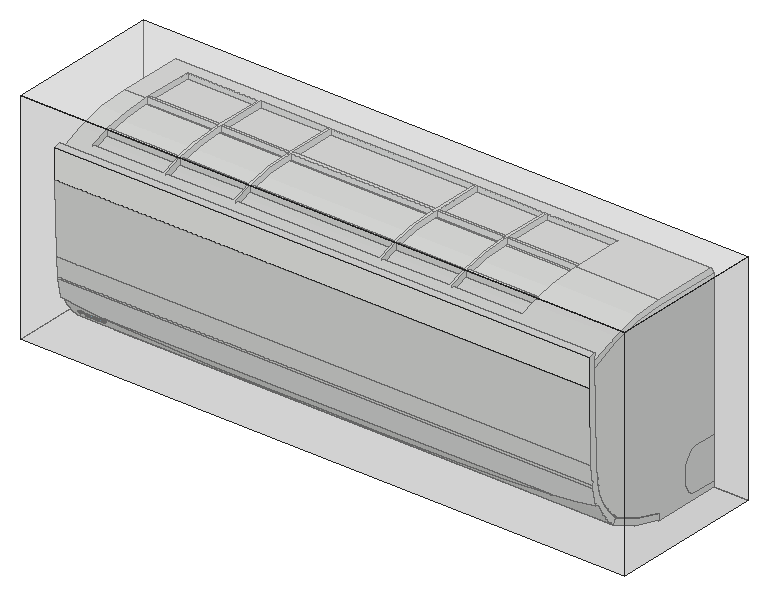
Revit family "outputfile", category 機械設備, Revit 2024
Family settings
  丸型コネクタ寸法 = 半径を使用
  パーツ タイプ = 標準
  OmniClass 番号 = 23.75.10.24.21.27.27
  OmniClass タイトル = Split System Air Conditioning Units
  作業面ベース = いいえ
  常に垂直 = はい
  ロード時にボイドで切り取り = いいえ
  注釈の向きを維持 = いいえ
  共有 = いいえ
  部屋計算ポイント = いいえ
Parameters (values of type "FTXV46W2VMA")
  Description = ""
  書き出し IFC クラス(タイプ) = "IfcUnitaryEquipmentType"
  定義済み IFC タイプ(タイプ) = "AIRCONDITIONINGUNIT"
  Cost = 0
  Type Comments = ""
  Keynote = ""
  Type Image = (empty or 0)
  Assembly Code = ""
  w_wall hole = if(Width = 770.0 mm, 48.0 mm, 60.0 mm)  # 48.0 mm
  製造元 = "Daikin"
  モデル = "FTXV46W2VMA"
  switch_frequency = yes
  r_Liquid Pipe Size = Liquid Pipe Size / 2  # 3.2 mm
  r_Gas Pipe Size = Gas Pipe Size / 2  # 6.35 mm
  r_Drain Pipe Size = Drain Pipe Size / 2  # 8.0 mm
  lw_powersupply [instance] = if(Width = 770.0 mm, if(or(Rear Right Connection_refrigerant, Bottom Right Connection_refrigerant), 25.0 mm, if(or(Rear Left Connection_refrigerant, Bottom Left Connection_refrigerant), 745.0 mm, 400.0 mm)), if(Width = 990.0 mm, if(or(Rear Right Connection_refrigerant, Bottom Right Connection_refrigerant), 40.0 mm, if(or(Rear Left Connection_refrigerant, Bottom Left Connection_refrigerant), 920.0 mm, 400.0 mm)), if(or(Rear Right Connection_refrigerant, Bottom Right Connection_refrigerant), 40.0 mm, if(or(Rear Left Connection_refrigerant, Bottom Left Connection_refrigerant), 920.0 mm, 400.0 mm))))  # 400.0 mm
  lw_liquidpipe [instance] = if(Width = 770.0 mm, if(or(Rear Right Connection_refrigerant, Bottom Right Connection_refrigerant), 0.0 mm, if(or(Rear Left Connection_refrigerant, Bottom Left Connection_refrigerant), 664.0 mm, 385.0 mm)), if(Width = 990.0 mm, if(or(Rear Right Connection_refrigerant, Bottom Right Connection_refrigerant), 0.0 mm, if(or(Rear Left Connection_refrigerant, Bottom Left Connection_refrigerant), 664.0 mm + (990.0 mm - 770.0 mm), 475.0 mm)), if(or(Rear Right Connection_refrigerant, Bottom Right Connection_refrigerant), 0.0 mm, if(or(Rear Left Connection_refrigerant, Bottom Left Connection_refrigerant), 664.0 mm + (990.0 mm - 770.0 mm), 475.0 mm))))  # 385.0 mm
  lw_gaspipe [instance] = if(Width = 770.0 mm, if(or(Rear Right Connection_refrigerant, Bottom Right Connection_refrigerant), 0.0 mm, if(or(Rear Left Connection_refrigerant, Bottom Left Connection_refrigerant), 675.0 mm, if(Gas Pipe Size = 12.7 mm, 345.0 mm, 335.0 mm))), if(Width = 990.0 mm, if(or(Rear Right Connection_refrigerant, Bottom Right Connection_refrigerant), 10.0 mm, if(or(Rear Left Connection_refrigerant, Bottom Left Connection_refrigerant), 890.0 mm, if(Gas Pipe Size = 15.9 mm, 410.0 mm, 400.0 mm))), if(or(Rear Right Connection_refrigerant, Bottom Right Connection_refrigerant), 10.0 mm, if(or(Rear Left Connection_refrigerant, Bottom Left Connection_refrigerant), 890.0 mm, if(Gas Pipe Size = 15.9 mm, 410.0 mm, 400.0 mm)))))  # 345.0 mm
  lw_drainpipe [instance] = if(Width = 770.0 mm, if(or(Rear Right Connection_refrigerant, Bottom Right Connection_refrigerant), 0.0 mm, if(or(Rear Left Connection_refrigerant, Bottom Left Connection_refrigerant), 770.0 mm - 48.0 mm - 48.0 mm, 440.0 mm)), if(Width = 990.0 mm, if(or(Rear Right Connection_refrigerant, Bottom Right Connection_refrigerant), 0.0 mm, if(or(Rear Left Connection_refrigerant, Bottom Left Connection_refrigerant), 675.0 mm + (990.0 mm - 770.0 mm), 435.0 mm)), if(or(Rear Right Connection_refrigerant, Bottom Right Connection_refrigerant), 0.0 mm, if(or(Rear Left Connection_refrigerant, Bottom Left Connection_refrigerant), 675.0 mm + (990.0 mm - 770.0 mm), 435.0 mm))))  # 440.0 mm
  l_powersupply_length [instance] = if(Width = 770.0 mm, if(Right Connection_refrigerant, 400.0 mm, if(Left Connection_refrigerant, 770.0 mm - 400.0 mm, if(or(Rear Left Connection_refrigerant, Rear Right Connection_refrigerant), 15.0 mm, 50.0 mm))), if(Width = 990.0 mm, if(Right Connection_refrigerant, 400.0 mm, if(Left Connection_refrigerant, 990.0 mm - 400.0 mm, if(or(Rear Left Connection_refrigerant, Rear Right Connection_refrigerant), 15.0 mm, 50.0 mm))), if(Right Connection_refrigerant, 400.0 mm, if(Left Connection_refrigerant, 990.0 mm - 400.0 mm, if(or(Rear Left Connection_refrigerant, Rear Right Connection_refrigerant), 15.0 mm, 50.0 mm)))))  # 400.0 mm
  l_liquidpipe_length [instance] = if(Width = 770.0 mm, if(Right Connection_refrigerant, 433.0 mm, if(Left Connection_refrigerant, 337.0 mm, if(or(Rear Left Connection_refrigerant, Rear Right Connection_refrigerant), 30.0 mm, 40.0 mm))), if(Width = 990.0 mm, if(Right Connection_refrigerant, 535.0 mm, if(Left Connection_refrigerant, 455.0 mm, if(or(Rear Left Connection_refrigerant, Rear Right Connection_refrigerant), 30.0 mm, 40.0 mm))), if(Right Connection_refrigerant, 535.0 mm, if(Left Connection_refrigerant, 455.0 mm, if(or(Rear Left Connection_refrigerant, Rear Right Connection_refrigerant), 30.0 mm, 40.0 mm)))))  # 433.0 mm
  l_gaspipe_length [instance] = if(Width = 770.0 mm, if(Right Connection_refrigerant, if(Gas Pipe Size = 12.7 mm, 393.0 mm, 383.0 mm), if(Left Connection_refrigerant, if(Gas Pipe Size = 12.7 mm, 770.0 mm - 393.0 mm, 770.0 mm - 383.0 mm), if(or(Rear Left Connection_refrigerant, Rear Right Connection_refrigerant), 40.0 mm, 50.0 mm))), if(Width = 990.0 mm, if(Right Connection_refrigerant, if(Gas Pipe Size = 15.9 mm, 470.0 mm, 460.0 mm), if(Left Connection_refrigerant, if(Gas Pipe Size = 15.9 mm, 990.0 mm - 470.0 mm, 990.0 mm - 460.0 mm), if(or(Rear Left Connection_refrigerant, Rear Right Connection_refrigerant), 40.0 mm, 50.0 mm))), if(Right Connection_refrigerant, if(Gas Pipe Size = 15.9 mm, 470.0 mm, 460.0 mm), if(Left Connection_refrigerant, if(Gas Pipe Size = 15.9 mm, 990.0 mm - 470.0 mm, 990.0 mm - 460.0 mm), if(or(Rear Left Connection_refrigerant, Rear Right Connection_refrigerant), 40.0 mm, 50.0 mm)))))  # 393.0 mm
  l_drainpipe_length [instance] = if(Width = 770.0 mm, if(Right Connection_refrigerant, 488.0 mm, if(Left Connection_refrigerant, 282.0 mm, if(or(Rear Left Connection_refrigerant, Rear Right Connection_refrigerant), 15.0 mm, 20.0 mm))), if(Width = 990.0 mm, if(Right Connection_refrigerant, 495.0 mm, if(Left Connection_refrigerant, 495.0 mm, if(or(Rear Left Connection_refrigerant, Rear Right Connection_refrigerant), 15.0 mm, 20.0 mm))), if(Right Connection_refrigerant, 495.0 mm, if(Left Connection_refrigerant, 495.0 mm, if(or(Rear Left Connection_refrigerant, Rear Right Connection_refrigerant), 15.0 mm, 20.0 mm)))))  # 488.0 mm
  h*** = 0.0 mm  # constant formula
  connector_voltage = Voltage_50Hz  # 230 V
  connector_powerinput = if([Power Input (Cooling)] > [Power Input (Heating)], [Power Input (Cooling)], [Power Input (Heating)])  # 0.000 kW
  connector_phase = Phase_50Hz  # 1
  angle_vertical [instance] = if(or(Bottom Left Connection_refrigerant, Bottom Right Connection_refrigerant), 0.00°, 90.00°)  # 90.00°
  angle_horizontal [instance] = if(Right Connection_refrigerant, 90.00°, if(Left Connection_refrigerant, -90.00°, if(or(Rear Left Connection_refrigerant, Rear Right Connection_refrigerant), 180.00°, 0.00°)))  # 90.00°
  Width = 770.0 mm
  Voltage_comment_50Hz = "220 - 240"
  Voltage_50Hz = 230 V
  Version = "ver.1.0"
  Unit Type = "Wall Mounted"
  Unit Mass Weight = 9.00 kg
  Unit Designation [instance] = ""
  Uniclass2015Version = "Products v1.30"
  Uniclass2015Title = "Split coil room air conditioning units"
  Uniclass2015Code = "Pr_70_65_03_86"
  URL = ""
  Total Heating Capacity [instance] = 0.000 kW
  Total Cooling Capacity [instance] = 0.000 kW
  Sound Pressure Level_M speed (dBA) = 40
  Sound Pressure Level_L speed (dBA) = 35
  Sound Pressure Level_H speed (dBA) = 44
  Sound Power Level_H speed (dB) = 0
  Series = "Single Split_Fan Coil Unit"
  Sensible Cooling Capacity [instance] = 0.000 kW
  Refrigerant Type = "R32"
  Power Input (Heating) = 0.000 kW
  Power Input (Cooling) = 0.000 kW
  Phase_50Hz = 1
  Option Accessory 3 [instance] = ""
  Option Accessory 2 [instance] = ""
  Option Accessory 1 [instance] = ""
  Nominal Heating Capacity = 4.700 kW
  Nominal Cooling Capacity = 4.600 kW
  Minimum Circuit Amps_50Hz = 0.0 A
  Minimum Airflow = 504.00 m³/h
  Median Airflow = 600.00 m³/h
  Maximum Fuse Amps_50Hz = 0.0 A
  Maximum Airflow = 732.00 m³/h
  Material_Casing = DAIKIN_PureWhite_Casing_indoorunit
  Load Classification = HVAC
  Liquid Pipe Size = 6.4 mm
  Link_Nested Family [instance] = ""
  IfcVersion = ""
  IfcExportType = "AIRCONDITIONINGUNIT"
  IfcExportAs = "IfcUnitaryEquipmentType"
  Height = 285.0 mm
  Heating Entering Wet Bulb Temperature [instance] = -273.15 °C
  Heating Entering Dry Bulb Temperature [instance] = -273.15 °C
  Heating Ambient Wet Bulb Temperature [instance] = -273.15 °C
  Heating Ambient Dry Bulb Temperature [instance] = -273.15 °C
  Heat Exchanger Type = "Cross Fin Coil"
  Gas Pipe Size = 12.7 mm
  Frequency_50Hz = 50 Hz
  Fan Type = "Cross Flow Fan"
  Fan Drive = "Direct Drive"
  FCU Tag No. [instance] = ""
  Drain Pipe Size = 16.0 mm
  Design Supply Airflow [instance] = 0.00 m³/h
  Depth = 223.0 mm
  既定の高さ = 0.0 mm
  Cooling Entering Wet Bulb Temperature [instance] = 0.00 °C
  Cooling Entering Dry Bulb Temperature [instance] = 0.00 °C
  Cooling Ambient Wet Bulb Temperature [instance] = 0.00 °C
  Cooling Ambient Dry Bulb Temperature [instance] = 0.00 °C
  Clearance visibility [instance] = yes
  Clearance Top = 30.0 mm
  Clearance Right = 50.0 mm
  Clearance Rear = 0.0 mm
  Clearance Left = 50.0 mm
  Clearance Front = 0.0 mm
  Clearance Bottom = 0.0 mm
  Bottom Right Connection_refrigerant [instance] = no
  Bottom Left Connection_refrigerant [instance] = no
  Rear Right Connection_refrigerant [instance] = no
  Rear Left Connection_refrigerant [instance] = no
  Right Connection_refrigerant [instance] = yes
  Left Connection_refrigerant [instance] = no
Reference planes
  plane 1 "Back": y = 0
  plane 2: z = 0
  plane 3 "Center (Left/Right)": x = 0
  plane 4 "Center (Front/Back)": y = -111.5
  plane 5 "Front": y = -223
  plane 6 "Left": x = -385
  plane 7 "Right": x = 385
  plane 8 "Top": z = 0
  plane 9 "Bottom": z = -285
  plane 10: x = -435
  plane 11: x = 435
  plane 12: y = 0
  plane 13: y = -223
  plane 14: z = 30
  plane 15: z = -285
  plane 16 "lw_Piping and Wiring intake": x = 337
  plane 17 "lw_gaspipe": x = -8
  plane 18 "lw_liquidpipe": x = -48
  plane 19 "lw_drainpipe": x = -103
  plane 20 "lh_drainpipe": z = -265
  plane 21 "lh_liquidpipe": z = -245
  plane 22 "lh_gaspipe": z = -235
  plane 23 "ld_drainpipe": y = -15
  plane 24 "ld_liquidpipe": y = -30
  plane 25 "ld_gaspipe": y = -40
  plane 26 "lw_powersupply": x = -15
Dimensions and locks
  equal spacing: plane 6 "Left", plane 3 "Center (Left/Right)", plane 7 "Right"
  "Width": plane 6 "Left" to plane 7 "Right"
  equal spacing: plane 5 "Front", plane 4 "Center (Front/Back)", plane 1 "Back"
  "Depth": plane 5 "Front" to plane 1 "Back"
  "Height": plane 8 "Top" to plane 9 "Bottom"
  "Clearance Rear": plane 12 to plane 1 "Back"
  "Clearance Front": plane 13 to plane 5 "Front"
  "Clearance Top": plane 14 to plane 8 "Top"
  "Clearance Bottom": plane 9 "Bottom" to plane 15
  "w_wall hole": plane 16 "lw_Piping and Wiring intake" to plane 7 "Right"
  "lw_gaspipe": plane 17 "lw_gaspipe" to plane 16 "lw_Piping and Wiring intake"
  "lw_liquidpipe": plane 18 "lw_liquidpipe" to plane 16 "lw_Piping and Wiring intake"
  "lw_drainpipe": plane 19 "lw_drainpipe" to plane 16 "lw_Piping and Wiring intake"
  locked: plane 20 "lh_drainpipe" to plane 9 "Bottom" at 20
  locked: plane 21 "lh_liquidpipe" to plane 9 "Bottom" at 40
  locked: plane 22 "lh_gaspipe" to plane 9 "Bottom" at 50
  locked: plane 23 "ld_drainpipe" to plane 1 "Back" at 15
  locked: plane 1 "Back" to plane 24 "ld_liquidpipe" at 30
  locked: plane 1 "Back" to plane 25 "ld_gaspipe" at 40
  "lw_powersupply": plane 26 "lw_powersupply" to plane 7 "Right"
  "Clearance Right": plane 7 "Right" to plane 11
  "Clearance Left": plane 10 to plane 6 "Left"
  aligned and locked: level to plane 2
  aligned and locked: plane 12 to nested 1
  aligned and locked: nested 1 to plane 13
  aligned and locked: plane 10 to nested 1
  aligned and locked: plane 11 to nested 1
  aligned and locked: plane 15 to nested 1
  aligned and locked: plane 14 to nested 1
  aligned and locked: plane 17 "lw_gaspipe" to nested 2
  aligned and locked: nested 2 to plane 25 "ld_gaspipe"
  aligned and locked: plane 18 "lw_liquidpipe" to nested 3
  aligned and locked: nested 3 to plane 24 "ld_liquidpipe"
  aligned and locked: plane 19 "lw_drainpipe" to nested 4
  aligned and locked: nested 4 to plane 23 "ld_drainpipe"
  aligned and locked: nested 5 to plane 23 "ld_drainpipe"
  aligned and locked: plane 26 "lw_powersupply" to nested 5
  aligned and locked: level to plane 8 "Top"
  aligned and locked: plane 3 "Center (Left/Right)" to nested 6
  aligned and locked: plane 1 "Back" to nested 6
  aligned and locked: plane 8 "Top" to nested 6
Nested families
  nested 1: "daikin_clearancespace" at (0, -111.5, -127.381), show <- "Clearance visibility", visible <- "Clearance visibility", Link_Nested Family <- "Link_Nested Family", type "daikin_clearancespace"
    with width 870.0 mm, show yes, height 315.0 mm, depth 223.0 mm, Link_Nested Family ""
  nested 2: "daikin_connector_rotate3" at (-8, -40, -235), angle_vertical <- "angle_vertical", angle_horizontal <- "angle_horizontal", length <- "l_gaspipe_length", radius <- "r_Gas Pipe Size", type "daikin_connector_rotate3"
    with show no, radius 6.35 mm, length 393.0 mm, angle_vertical 90.00°, angle_horizontal 90.00°
  nested 3: "daikin_connector_rotate3" at (-48, -30, -245), angle_vertical <- "angle_vertical", angle_horizontal <- "angle_horizontal", radius <- "r_Liquid Pipe Size", length <- "l_liquidpipe_length", type "daikin_connector_rotate3"
    with show no, radius 3.2 mm, length 433.0 mm, angle_vertical 90.00°, angle_horizontal 90.00°
  nested 4: "daikin_connector_rotate3" at (-103, -15, -265), angle_vertical <- "angle_vertical", angle_horizontal <- "angle_horizontal", length <- "l_drainpipe_length", radius <- "r_Drain Pipe Size", type "daikin_connector_rotate3"
    with show no, radius 8.0 mm, length 488.0 mm, angle_vertical 90.00°, angle_horizontal 90.00°
  nested 5: "daikin_connector_rotate3" at (-15, -15, -235), angle_vertical <- "angle_vertical", angle_horizontal <- "angle_horizontal", length <- "l_powersupply_length", type "daikin_connector_rotate3"
    with show no, radius 10.0 mm, length 400.0 mm, angle_vertical 90.00°, angle_horizontal 90.00°
  nested 6: "DAIKIN_indoorunit_FTXV-W2VMA" at (-31, 0, 0), type "FTXV-W2VMA"
Connectors
  piping at (385, -40, -235), diameter 12.7, driven by "r_Gas Pipe Size"
    settings: on nested 2, index 1, connector inside diameter 609.6 mm, connector length 0.0 mm, flow factor 0, pipe flow 0.00 m³/h, pressure drop 0.0 Pa, fitting loss kfactor 0, connector angle 0.00°, fixture units 0, engagement length 0.0 mm, angle of deflection 0.00°, flow configuration 1, flow direction 2, fitting loss method 0, system type 29, joint type 0, gender type 0, connector reference index -1, connector utility 0, adjustable connector no, is connector primary yes, connector description "Refrigerant Gas Piping"
  piping at (385, -30, -245), diameter 6.4, driven by "r_Liquid Pipe Size"
    settings: on nested 3, index 2, connector inside diameter 609.6 mm, connector length 0.0 mm, flow factor 0, pipe flow 0.00 m³/h, pressure drop 0.0 Pa, fitting loss kfactor 0, connector angle 0.00°, fixture units 0, engagement length 0.0 mm, angle of deflection 0.00°, flow configuration 1, flow direction 1, fitting loss method 0, system type 29, joint type 0, gender type 0, connector reference index -1, connector utility 0, adjustable connector no, is connector primary no, connector description "Refrigerant Liquid Piping"
  piping at (385, -15, -265), diameter 16, driven by "r_Drain Pipe Size"
    settings: on nested 4, index 3, connector inside diameter 609.6 mm, connector length 0.0 mm, flow factor 0, pipe flow 0.00 m³/h, pressure drop 0.0 Pa, fitting loss kfactor 0, connector angle 0.00°, fixture units 0, engagement length 0.0 mm, angle of deflection 0.00°, flow configuration 1, flow direction 2, fitting loss method 4, system type 16, joint type 0, gender type 0, connector reference index -1, connector utility 0, adjustable connector no, is connector primary no, connector description "Condensate Drain Piping"
  electrical at (385, -15, -235), driven by "Load Classification", driven by "connector_phase", driven by "connector_powerinput", driven by "connector_voltage"
    settings: on nested 5, index 4, voltage 230 V, apparent load 0 VA, apparent load phase1 0 VA, apparent load phase2 0 VA, apparent load phase3 0 VA, power factor 1, load classification "HVAC", number of poles 1, system type 30, power factor state 1, is connector primary yes, connector utility no, sub classification motor no, connector description "Power Supply"
Definition of nested family "daikin_clearancespace"
  Parameters (values of type "daikin_clearancespace")
    Description = "daikin_clearancespace"
    width [instance] = 1823.963 mm
    show [instance] = yes
    material = none
    height [instance] = 1359.762 mm
    depth [instance] = 880.0 mm
    Default Elevation = 0.0 mm
    Link_Nested Family [instance] = ""
  Reference planes
    plane 1 "Center (Front/Back)": y = 0
    plane 2 "Center (Elevation)": z = -0.119
    plane 3 "Center (Left/Right)": x = 0
    plane 4: y = 440
    plane 5: y = -440
    plane 6 "Right": x = 911.982
    plane 7 "Left": x = -911.982
    plane 8 "Top": z = 679.762
    plane 9 "Bottom": z = -680
  Forms (mm)
    Extrusion 1, solid, material <- "material", visible <- "show"
      sketch origin (0, 0, 0) x (1, 0, 0) y (0, 1, 0)
        loop
          line (-911.982, 440) -> (-911.982, -440) -> (911.982, -440) -> (911.982, 440) -> (-911.982, 440)
      from -680 to 679.762
  Lines and regions (mm)
    symbolic lines, visible <- "show"
      curve 1: line (911.982, 440, 0) -> (-911.982, 440, 0)
      curve 2: line (-911.982, 440, 0) -> (-911.982, -440, 0)
      curve 3: line (-911.982, -440, 0) -> (911.982, -440, 0)
      curve 4: line (911.982, -440, 0) -> (911.982, 440, 0)
      curve 5: line (911.982, 0, 679.762) -> (-911.982, 0, 679.762)
      curve 6: line (911.982, 0, -680) -> (911.982, 0, 679.762)
      curve 7: line (-911.982, 0, -680) -> (911.982, 0, -680)
      curve 8: line (-911.982, 0, 679.762) -> (-911.982, 0, -680)
      curve 9: line (0, 440, 679.762) -> (0, -440, 679.762)
      curve 10: line (0, -440, 679.762) -> (0, -440, -680)
      curve 11: line (0, 440, -680) -> (0, 440, 679.762)
      curve 12: line (0, -440, -680) -> (0, 440, -680)
  Dimensions and locks
    "width": plane 7 "Left" to plane 6 "Right"
    "depth": plane 4 to plane 5
    "height": plane 8 "Top" to plane 9 "Bottom"
    equal spacing: plane 7 "Left", plane 3 "Center (Left/Right)", plane 6 "Right"
    equal spacing: plane 4, plane 1 "Center (Front/Back)", plane 5
    equal spacing: plane 8 "Top", plane 2 "Center (Elevation)", plane 9 "Bottom"
    aligned and locked: level to plane 2 "Center (Elevation)"
    aligned and locked: Extrusion 1 sketch curve to plane 4
    aligned and locked: plane 7 "Left" to Extrusion 1 sketch curve
    aligned and locked: Extrusion 1 sketch curve to plane 5
    aligned and locked: Extrusion 1 sketch curve to plane 6 "Right"
    aligned and locked: plane 8 "Top" to Extrusion 1
    aligned and locked: curve 1 to Extrusion 1
    aligned and locked: curve 2 to Extrusion 1
    aligned and locked: curve 3 to Extrusion 1
    aligned and locked: curve 4 to Extrusion 1
    aligned and locked: curve 5 to Extrusion 1
    aligned and locked: curve 6 to Extrusion 1
    aligned and locked: curve 7 to Extrusion 1
    aligned and locked: curve 8 to Extrusion 1
    aligned and locked: curve 9 to Extrusion 1
    aligned and locked: curve 10 to Extrusion 1
    aligned and locked: curve 11 to Extrusion 1
    aligned and locked: curve 12 to Extrusion 1
    aligned and locked: Extrusion 1 to plane 9 "Bottom"
Definition of nested family "DAIKIN_indoorunit_FTXV-W2VMA"
  Parameters (values of type "FTKM-QVMA")
    switch_unit1_50-71 = Width = 990.0 mm  # no
    switch_unit1_20-46 = Width = 770.0 mm  # yes
    Width = 770.0 mm
    WALL HOLE-R = if(Width = 770.0 mm, 48.0 mm, 60.0 mm)  # 48.0 mm
    WALL HOLE Size = if(Width = 770.0 mm, 65.0 mm, 80.0 mm)  # 65.0 mm
    Material_Casing = none
    Height = if(Width = 770.0 mm, 285.0 mm, 295.0 mm)  # 285.0 mm
    Default Elevation = 0.0 mm
  Reference planes
    plane 1 "Center (Front/Back)": y = 0
    plane 2 "reference_level": z = 0
    plane 3 "Center (Left/Right)": x = 31
    plane 4: x = -354
    plane 5: x = 416
    plane 6: z = -285
  Forms (mm)
    Extrusion 1, solid, material <- "Material_Casing", visible <- "switch_unit1_20-46"
      sketch origin (29, 0, 0) x (0, 1, 0) y (0, 0, 1)
        loop
          line (-5, 0) -> (-98, 0)
          arc (-98, 0) -> (-157.611, -7.211) -> (-213.783, -28.427) r 250
          arc (-213.783, -28.427) -> (-213.842, -32.972) -> (-213.892, -37.516) r 2191
          arc (-213.892, -37.516) -> (-157.832, -15.495) -> (-98.07, -8) r 242
          line (-98.07, -8) -> (0, -8) -> (-5, 0)
      from -383 to 387
    Extrusion 2, solid, material <- "Material_Casing", visible <- "switch_unit1_20-46"
      sketch origin (416, 1296.25, 1200) x (0, 1, 0) y (0, 0, 1)
        loop
          line (-1472.998, -1446.91) -> (-1476.998, -1453.839)
          arc (-1476.998, -1453.839) -> (-1437.481, -1472.422) -> (-1395.25, -1483.538) r 240
          line (-1395.25, -1483.538) -> (-1395.25, -1475.422)
          arc (-1395.25, -1475.422) -> (-1435.407, -1464.663) -> (-1472.998, -1446.91) r 232
      from 0 to -47.5
    Extrusion 3, solid, material <- "Material_Casing", visible <- "switch_unit1_20-46"
      sketch origin (29, 0, 0) x (0, 1, 0) y (0, 0, 1)
        loop
          arc (-223, -60.455) -> (-222.414, -110.646) -> (-220.656, -160.81) r 2149.92
          arc (-220.656, -160.81) -> (-219.65, -174.299) -> (-217.853, -187.706) r 229.911
          arc (-217.853, -187.706) -> (-205.371, -223.594) -> (-181.517, -253.17) r 111
          line (-181.517, -253.17) -> (-177.429, -246.093)
          arc (-177.429, -246.093) -> (-198.77, -218.989) -> (-209.965, -186.36) r 103
          arc (-209.965, -186.36) -> (-211.681, -173.586) -> (-212.651, -160.735) r 221.844
          arc (-212.651, -160.735) -> (-214.739, -93.233) -> (-214.74, -25.699) r 2186.828
          arc (-214.74, -25.699) -> (-214.671, -21.467) -> (-214.594, -17.235) r 2192
          line (-214.594, -17.235) -> (-223, -19.961) -> (-223, -60.455)
      from -383 to 387
    Extrusion 4, solid, material <- "Material_Casing", visible <- "switch_unit1_20-46"
      sketch origin (29, 0, 0) x (0, 1, 0) y (0, 0, 1)
        loop
          line (-181.517, -253.17) -> (-179.597, -249.846)
          arc (-179.597, -249.846) -> (-202.009, -221.399) -> (-213.189, -186.952) r 103
          line (-213.189, -186.952) -> (-217.853, -187.706)
          arc (-217.853, -187.706) -> (-217.533, -189.556) -> (-217.182, -191.4) r 111
          arc (-217.182, -191.4) -> (-213.806, -208.181) -> (-210.362, -224.948) r 4257.809
          arc (-210.362, -224.948) -> (-198.886, -237.857) -> (-186.225, -249.607) r 180
          line (-186.225, -249.607) -> (-181.517, -253.17)
      from -383 to 387
    Extrusion 5, solid, material <- "Material_Casing", visible <- "switch_unit1_20-46"
      sketch origin (29, 0, -20) x (0, 1, 0) y (0, 0, 1)
        loop
          line (0, -265) -> (0, 12) -> (-98.07, 12)
          arc (-98.07, 12) -> (-157.832, 4.505) -> (-213.892, -17.516) r 242
          arc (-213.892, -17.516) -> (-213.638, -79.114) -> (-211.653, -140.681) r 2191
          arc (-211.653, -140.681) -> (-210.685, -153.501) -> (-208.973, -166.243) r 221
          arc (-208.973, -166.243) -> (-197.471, -199.282) -> (-175.482, -226.491) r 102
          arc (-175.482, -226.491) -> (-138.004, -244.019) -> (-98, -254.579) r 231
          line (-98, -254.579) -> (-98, -265) -> (0, -265)
      from -383 to 387
    Extrusion 6, solid, material <- "Material_Casing", visible <- "switch_unit1_20-46"
      sketch origin (-354, 1296.25, 1200) x (0, 1, 0) y (0, 0, 1)
        loop
          line (-1472.998, -1446.91) -> (-1476.998, -1453.839)
          arc (-1476.998, -1453.839) -> (-1437.481, -1472.422) -> (-1395.25, -1483.538) r 240
          line (-1395.25, -1483.538) -> (-1395.25, -1475.422)
          arc (-1395.25, -1475.422) -> (-1435.407, -1464.663) -> (-1472.998, -1446.91) r 232
      from 47 to 0
    Extrusion 7, solid, material <- "Material_Casing", visible <- "switch_unit1_20-46"
      sketch origin (416, 1296.25, 1200) x (0, 1, 0) y (0, 0, 1)
        loop
          line (-1472.998, -1446.91) -> (-1476.998, -1453.839)
          arc (-1476.998, -1453.839) -> (-1443.437, -1470.168) -> (-1407.75, -1481.097) r 240
          line (-1407.75, -1481.097) -> (-1407.75, -1472.894)
          arc (-1407.75, -1472.894) -> (-1441.363, -1462.385) -> (-1472.998, -1446.91) r 232
      from -116.993 to -48.493
    Extrusion 8, solid, material <- "Material_Casing", visible <- "switch_unit1_20-46"
      sketch origin (416, 1296.25, 1200) x (0, 1, 0) y (0, 0, 1)
        loop
          line (-1472.998, -1446.91) -> (-1476.998, -1453.839)
          arc (-1476.998, -1453.839) -> (-1443.437, -1470.168) -> (-1407.75, -1481.097) r 240
          line (-1407.75, -1481.097) -> (-1407.75, -1472.894)
          arc (-1407.75, -1472.894) -> (-1441.363, -1462.385) -> (-1472.998, -1446.91) r 232
      from -717 to -121.993
    Extrusion 9, void
      sketch origin (31, 0, -235) x (1, 0, 0) y (0, 1, 0)
        loop
          line (-252.674, -22.316) -> (-354.941, -22.316) -> (-354.941, -91.341) -> (-252.674, -91.341) -> (-252.674, -22.316)
        loop
          line (-249.341, -91.341) -> (-151.574, -91.341) -> (-151.574, -22.316) -> (-249.341, -22.316) -> (-249.341, -91.341)
        loop
          line (58.309, -22.316) -> (-148.309, -22.316) -> (-148.309, -91.341) -> (58.309, -91.341) -> (58.309, -22.316)
        loop
          line (61.689, -22.316) -> (61.689, -91.341) -> (159.457, -91.341) -> (159.457, -22.316) -> (61.689, -22.316)
        loop
          line (162.789, -22.316) -> (162.789, -91.341) -> (265.057, -91.341) -> (265.057, -22.316) -> (162.789, -22.316)
        loop
          line (-354.941, -94.659) -> (-354.941, -165.259) -> (-252.674, -165.259) -> (-252.674, -94.659) -> (-354.941, -94.659)
        loop
          line (-249.341, -94.659) -> (-249.341, -165.259) -> (-151.574, -165.259) -> (-151.574, -94.659) -> (-249.341, -94.659)
        loop
          line (-148.309, -94.659) -> (-148.309, -165.259) -> (58.309, -165.259) -> (58.309, -94.659) -> (-148.309, -94.659)
        loop
          line (61.689, -94.659) -> (61.689, -165.259) -> (159.457, -165.259) -> (159.457, -94.659) -> (61.689, -94.659)
        loop
          line (162.789, -94.659) -> (162.789, -165.259) -> (265.057, -165.259) -> (265.057, -94.659) -> (162.789, -94.659)
        loop
          line (-354.941, -167.382) -> (-354.941, -192.681) -> (-252.674, -192.681) -> (-252.674, -167.382) -> (-354.941, -167.382)
        loop
          line (-249.341, -167.382) -> (-249.341, -192.681) -> (-151.574, -192.681) -> (-151.574, -167.382) -> (-249.341, -167.382)
        loop
          line (-148.309, -167.382) -> (-148.309, -192.681) -> (58.309, -192.681) -> (58.309, -167.382) -> (-148.309, -167.382)
        loop
          line (159.457, -167.382) -> (61.689, -167.382) -> (61.689, -192.681) -> (159.457, -192.681) -> (159.457, -167.382)
        loop
          line (265.057, -167.382) -> (162.789, -167.382) -> (162.789, -192.681) -> (265.057, -192.681) -> (265.057, -167.382)
      from 201.638 to 250
    Extrusion 10, void
      sketch origin (31, 0, 0) x (1, 0, 0) y (0, 0, 1)
        loop
          arc (597, -174.907) -> (0.056, -245.263) -> (-597, -175.856) r 2585.042
          line (-597, -175.856) -> (-597, -352.872) -> (597, -352.872) -> (597, -174.907)
      from 173 to 315.3
    Extrusion 11, solid, material <- "Material_Casing"
      sketch origin (31, 0, 0) x (1, 0, 0) y (0, 0, 1)
        loop
          circle (337, -240.5) r 32.5
        loop
          circle (-337, -240.5) r 32.5
      from 0 to 5
    Extrusion 12, solid, material <- "Material_Casing", visible <- "switch_unit1_20-46"
      sketch origin (416, 1296.25, 1200) x (0, -1, 0) y (0, 0, 1)
        loop
          line (1326.25, -1417) -> (1296.25, -1417) -> (1296.25, -1477) -> (1326.25, -1477)
          arc (1326.25, -1477) -> (1340.393, -1471.142) -> (1346.25, -1457) r 20
          line (1346.25, -1457) -> (1346.25, -1437)
          arc (1346.25, -1437) -> (1340.393, -1422.858) -> (1326.25, -1417) r 20
      from 0 to 5
    Extrusion 13, solid, material <- "Material_Casing", visible <- "switch_unit1_20-46"
      sketch origin (-354, 1296.25, 1200) x (0, 1, 0) y (0, 0, 1)
        loop
          line (-1296.25, -1417) -> (-1326.25, -1417)
          arc (-1326.25, -1417) -> (-1340.393, -1422.858) -> (-1346.25, -1437) r 20
          line (-1346.25, -1437) -> (-1346.25, -1457)
          arc (-1346.25, -1457) -> (-1340.393, -1471.142) -> (-1326.25, -1477) r 20
          line (-1326.25, -1477) -> (-1296.25, -1477) -> (-1296.25, -1417)
      from 0 to 5
    Extrusion 14, solid, material <- "Material_Casing", visible <- "switch_unit1_20-46"
      sketch origin (31, 0, -285) x (-1, 0, 0) y (0, -1, 0)
        loop
          line (-314, 0) -> (-314, 30)
          arc (-314, 30) -> (-319.858, 44.142) -> (-334, 50) r 20
          line (-334, 50) -> (-354, 50)
          arc (-354, 50) -> (-368.142, 44.142) -> (-374, 30) r 20
          line (-374, 30) -> (-374, 0) -> (-314, 0)
        loop
          line (374, 0) -> (374, 30)
          arc (374, 30) -> (368.142, 44.142) -> (354, 50) r 20
          line (354, 50) -> (334, 50)
          arc (334, 50) -> (319.858, 44.142) -> (314, 30) r 20
          line (314, 30) -> (314, 0) -> (374, 0)
      from 0 to 5
    Extrusion 15, solid, material <- "Material_Casing", visible <- "switch_unit1_50-71"
      sketch origin (31, 0, 0) x (0, 1, 0) y (0, 0, 1)
        loop
          line (-5, 0) -> (-138, 0)
          arc (-138, 0) -> (-197.611, -7.211) -> (-253.783, -28.427) r 250
          arc (-253.783, -28.427) -> (-253.838, -32.687) -> (-253.886, -36.946) r 2191
          arc (-253.886, -36.946) -> (-197.73, -15.346) -> (-138.014, -8) r 246.393
          line (-138.014, -8) -> (0, -8) -> (-5, 0)
      from -495 to 495
    Extrusion 16, solid, material <- "Material_Casing", visible <- "switch_unit1_50-71"
      sketch origin (418, 1296.25, 1200) x (0, 1, 0) y (0, 0, 1)
        loop
          arc (-1515.208, -1454.149) -> (-1506.856, -1460.599) -> (-1497.925, -1466.219) r 110
          arc (-1497.925, -1466.219) -> (-1445.718, -1487.493) -> (-1389.844, -1494.995) r 223
          line (-1389.844, -1494.995) -> (-1389.844, -1486.086) -> (-1404.386, -1486.086)
          arc (-1404.386, -1486.086) -> (-1449.542, -1477.46) -> (-1491.818, -1459.402) r 214.289
          arc (-1491.818, -1459.402) -> (-1501.056, -1453.541) -> (-1509.606, -1446.715) r 101
          line (-1509.606, -1446.715) -> (-1515.208, -1454.149)
      from 108 to 57.5
    Extrusion 17, solid, material <- "Material_Casing", visible <- "switch_unit1_50-71"
      sketch origin (31, 0, 0) x (0, 1, 0) y (0, 0, 1)
        loop
          line (-263, -19.962) -> (-263, -61.6)
          arc (-263, -61.6) -> (-262.414, -110.219) -> (-260.656, -158.81) r 2017.341
          arc (-260.656, -158.81) -> (-255.648, -191.935) -> (-244.041, -223.362) r 164.725
          arc (-244.041, -223.362) -> (-233.569, -239.793) -> (-219.717, -253.495) r 87.379
          line (-219.717, -253.495) -> (-214.706, -246.846)
          arc (-214.706, -246.846) -> (-229.564, -230.029) -> (-240.385, -210.371) r 102
          arc (-240.385, -210.371) -> (-249.049, -182.962) -> (-252.848, -154.467) r 165.789
          arc (-252.848, -154.467) -> (-254.771, -90.102) -> (-254.74, -25.708) r 2122.533
          arc (-254.74, -25.708) -> (-254.671, -21.469) -> (-254.594, -17.23) r 2192
          line (-254.594, -17.23) -> (-263, -19.962)
      from -495 to 495
    Extrusion 18, void
      sketch origin (33, 0, 0) x (1, 0, 0) y (0, 1, 0)
        loop
          line (-466.909, -22.316) -> (-466.909, -111.341) -> (-366.303, -111.341) -> (-366.303, -22.316) -> (-466.909, -22.316)
        loop
          line (-362.71, -22.316) -> (-362.71, -111.341) -> (-262.103, -111.341) -> (-262.103, -22.316) -> (-362.71, -22.316)
        loop
          line (-258.51, -22.316) -> (-258.51, -111.341) -> (-157.904, -111.341) -> (-157.904, -22.316) -> (-258.51, -22.316)
        loop
          line (-154.31, -22.316) -> (-154.31, -111.341) -> (-53.704, -111.341) -> (-53.704, -22.316) -> (-154.31, -22.316)
        loop
          line (-50.11, -22.316) -> (-50.11, -111.341) -> (50.496, -111.341) -> (50.496, -22.316) -> (-50.11, -22.316)
        loop
          line (54.089, -22.316) -> (54.089, -111.341) -> (154.696, -111.341) -> (154.696, -22.316) -> (54.089, -22.316)
        loop
          line (158.289, -22.316) -> (158.289, -111.341) -> (258.895, -111.341) -> (258.895, -22.316) -> (158.289, -22.316)
        loop
          line (262.489, -22.316) -> (262.489, -111.341) -> (363.095, -111.341) -> (363.095, -22.316) -> (262.489, -22.316)
        loop
          line (-466.909, -114.459) -> (-466.909, -185.059) -> (-366.303, -185.059) -> (-366.303, -114.459) -> (-466.909, -114.459)
        loop
          line (-362.71, -114.459) -> (-362.71, -185.059) -> (-262.103, -185.059) -> (-262.103, -114.459) -> (-362.71, -114.459)
        loop
          line (-258.51, -114.459) -> (-258.51, -185.059) -> (-157.904, -185.059) -> (-157.904, -114.459) -> (-258.51, -114.459)
        loop
          line (-154.31, -114.459) -> (-154.31, -185.059) -> (-53.704, -185.059) -> (-53.704, -114.459) -> (-154.31, -114.459)
        loop
          line (-50.11, -114.459) -> (-50.11, -185.059) -> (50.496, -185.059) -> (50.496, -114.459) -> (-50.11, -114.459)
        loop
          line (54.089, -114.459) -> (54.089, -185.059) -> (154.696, -185.059) -> (154.696, -114.459) -> (54.089, -114.459)
        loop
          line (158.289, -114.459) -> (158.289, -185.059) -> (258.895, -185.059) -> (258.895, -114.459) -> (158.289, -114.459)
        loop
          line (262.489, -114.459) -> (262.489, -185.059) -> (363.095, -185.059) -> (363.095, -114.459) -> (262.489, -114.459)
        loop
          line (-466.909, -187.382) -> (-466.909, -232.681) -> (-366.303, -232.681) -> (-366.303, -187.382) -> (-466.909, -187.382)
        loop
          line (-362.71, -187.382) -> (-362.71, -232.681) -> (-262.103, -232.681) -> (-262.103, -187.382) -> (-362.71, -187.382)
        loop
          line (-258.51, -187.382) -> (-258.51, -232.681) -> (-157.904, -232.681) -> (-157.904, -187.382) -> (-258.51, -187.382)
        loop
          line (-154.31, -187.382) -> (-154.31, -232.681) -> (-53.704, -232.681) -> (-53.704, -187.382) -> (-154.31, -187.382)
        loop
          line (-50.11, -187.382) -> (-50.11, -232.681) -> (50.496, -232.681) -> (50.496, -187.382) -> (-50.11, -187.382)
        loop
          line (54.089, -187.382) -> (54.089, -232.681) -> (154.696, -232.681) -> (154.696, -187.382) -> (54.089, -187.382)
        loop
          line (158.289, -187.382) -> (158.289, -232.681) -> (258.895, -232.681) -> (258.895, -187.382) -> (158.289, -187.382)
        loop
          line (262.489, -187.382) -> (262.489, -232.681) -> (363.095, -232.681) -> (363.095, -187.382) -> (262.489, -187.382)
      from -40.013 to 47.268
    Extrusion 19, void
      sketch origin (33, 0, 2300) x (1, 0, 0) y (0, 0, 1)
        loop
          line (705, -2672.872) -> (705, -2462.4)
          arc (705, -2462.4) -> (-2.043, -2534.819) -> (-709, -2461.567) r 3467.757
          line (-709, -2461.567) -> (-709, -2672.872) -> (705, -2672.872)
      from 173 to 315.3
    Extrusion 20, solid, material <- "Material_Casing", visible <- "switch_unit1_50-71"
      sketch origin (-356, 1296.25, 1200) x (0, 1, 0) y (0, 0, -1)
        loop
          line (-1515.208, 1454.149) -> (-1509.606, 1446.715)
          arc (-1509.606, 1446.715) -> (-1501.056, 1453.541) -> (-1491.818, 1459.402) r 101
          arc (-1491.818, 1459.402) -> (-1449.542, 1477.46) -> (-1404.386, 1486.086) r 214.289
          line (-1404.386, 1486.086) -> (-1389.844, 1486.086) -> (-1389.844, 1494.995)
          arc (-1389.844, 1494.995) -> (-1445.718, 1487.493) -> (-1497.925, 1466.219) r 223
          arc (-1497.925, 1466.219) -> (-1506.856, 1460.599) -> (-1515.208, 1454.149) r 110
      from 108 to 61
    Extrusion 21, solid, material <- "Material_Casing", visible <- "switch_unit1_50-71"
      sketch origin (418, 1296.25, 1200) x (0, 1, 0) y (0, 0, 1)
        loop
          arc (-1515.208, -1454.149) -> (-1506.856, -1460.599) -> (-1497.925, -1466.219) r 110
          arc (-1497.925, -1466.219) -> (-1463.185, -1482.066) -> (-1426.25, -1491.755) r 223
          line (-1426.25, -1491.755) -> (-1426.25, -1483.166)
          arc (-1426.25, -1483.166) -> (-1460.008, -1473.969) -> (-1491.818, -1459.402) r 214.289
          arc (-1491.818, -1459.402) -> (-1501.056, -1453.541) -> (-1509.606, -1446.715) r 101
          line (-1509.606, -1446.715) -> (-1515.208, -1454.149)
      from 56.5 to -36.993
    Extrusion 22, solid, material <- "Material_Casing", visible <- "switch_unit1_50-71"
      sketch origin (418, 1296.25, 1200) x (0, 1, 0) y (0, 0, 1)
        loop
          arc (-1426.25, -1483.166) -> (-1443.442, -1479.224) -> (-1460.25, -1473.881) r 214.289
          line (-1460.25, -1473.881) -> (-1460.25, -1483.089)
          arc (-1460.25, -1483.089) -> (-1443.421, -1488.091) -> (-1426.25, -1491.755) r 223
          line (-1426.25, -1491.755) -> (-1426.25, -1483.166)
      from -43.493 to -828.893
    Extrusion 23, solid, material <- "Material_Casing", visible <- "switch_unit1_50-71"
      sketch origin (418, 1296.25, 1200) x (0, 1, 0) y (0, 0, 1)
        loop
          arc (-1515.208, -1454.149) -> (-1506.856, -1460.599) -> (-1497.925, -1466.219) r 110
          arc (-1497.925, -1466.219) -> (-1479.479, -1475.527) -> (-1460.25, -1483.089) r 223
          line (-1460.25, -1483.089) -> (-1460.25, -1473.881)
          arc (-1460.25, -1473.881) -> (-1476.328, -1467.282) -> (-1491.818, -1459.402) r 214.289
          arc (-1491.818, -1459.402) -> (-1501.056, -1453.541) -> (-1509.606, -1446.715) r 101
          line (-1509.606, -1446.715) -> (-1515.208, -1454.149)
      from -43.493 to -828.893
    Extrusion 24, solid, material <- "Material_Casing", visible <- "switch_unit1_50-71"
      sketch origin (31, 0, 0) x (0, 1, 0) y (0, 0, 1)
        loop
          arc (-217.78, -250.924) -> (-234.088, -233.307) -> (-245.826, -212.366) r 102
          arc (-245.826, -212.366) -> (-251.608, -196.062) -> (-255.659, -179.245) r 165.789
          line (-255.659, -179.245) -> (-258.299, -179.737)
          arc (-258.299, -179.737) -> (-257.524, -183.799) -> (-256.646, -187.84) r 164.725
          arc (-256.646, -187.84) -> (-252.868, -206.25) -> (-249.973, -224.82) r 393.089
          arc (-249.973, -224.82) -> (-239.237, -236.969) -> (-227.451, -248.102) r 180
          arc (-227.451, -248.102) -> (-223.723, -250.998) -> (-219.717, -253.495) r 45.878
          line (-219.717, -253.495) -> (-217.78, -250.924)
      from -495 to 495
    Extrusion 25, solid, material <- "Material_Casing", visible <- "switch_unit1_50-71"
      sketch origin (31, 0, -30) x (0, 1, 0) y (0, 0, 1)
        loop
          line (0, 22) -> (-138.014, 22)
          arc (-138.014, 22) -> (-197.73, 14.654) -> (-253.886, -6.946) r 246.393
          arc (-253.886, -6.946) -> (-253.682, -65.635) -> (-251.855, -124.295) r 2120.935
          arc (-251.855, -124.295) -> (-248.086, -152.682) -> (-239.461, -179.988) r 164.789
          arc (-239.461, -179.988) -> (-228.903, -199.231) -> (-214.437, -215.738) r 101
          line (-214.437, -215.738) -> (-212.406, -216.221)
          arc (-212.406, -216.221) -> (-204.07, -222.837) -> (-195.079, -228.53) r 100
          arc (-195.079, -228.53) -> (-145.557, -248.629) -> (-92.593, -255.785) r 213.289
          line (-92.593, -255.785) -> (-92.593, -265) -> (0, -265) -> (0, 22)
      from -495 to 495
    Extrusion 26, solid, material <- "Material_Casing", visible <- "switch_unit1_50-71"
      sketch origin (526, 1296.25, 1200) x (0, -1, 0) y (0, 0, 1)
        loop
          line (1326.25, -1427.035) -> (1296.25, -1427.035) -> (1296.25, -1487.035) -> (1326.25, -1487.035)
          arc (1326.25, -1487.035) -> (1340.393, -1481.177) -> (1346.25, -1467.035) r 20
          line (1346.25, -1467.035) -> (1346.25, -1447.035)
          arc (1346.25, -1447.035) -> (1340.393, -1432.892) -> (1326.25, -1427.035) r 20
      from 0 to 5
    Extrusion 27, solid, material <- "Material_Casing", visible <- "switch_unit1_50-71"
      sketch origin (-459, 1296.25, 1200) x (0, -1, 0) y (0, 0, 1)
        loop
          line (1326.25, -1427.035) -> (1296.25, -1427.035) -> (1296.25, -1487.035) -> (1326.25, -1487.035)
          arc (1326.25, -1487.035) -> (1340.393, -1481.177) -> (1346.25, -1467.035) r 20
          line (1346.25, -1467.035) -> (1346.25, -1447.035)
          arc (1346.25, -1447.035) -> (1340.393, -1432.892) -> (1326.25, -1427.035) r 20
      from 0 to 5
    Extrusion 28, solid, material <- "Material_Casing", visible <- "switch_unit1_50-71"
      sketch origin (31, 200, -295) x (-1, 0, 0) y (0, -1, 0)
        loop
          line (469, 200) -> (469, 230)
          arc (469, 230) -> (463.142, 244.142) -> (449, 250) r 20
          line (449, 250) -> (429, 250)
          arc (429, 250) -> (414.858, 244.142) -> (409, 230) r 20
          line (409, 230) -> (409, 200) -> (469, 200)
        loop
          line (-469, 200) -> (-409, 200) -> (-409, 230)
          arc (-409, 230) -> (-414.858, 244.142) -> (-429, 250) r 20
          line (-429, 250) -> (-449, 250)
          arc (-449, 250) -> (-463.142, 244.142) -> (-469, 230) r 20
          line (-469, 230) -> (-469, 200)
      from 0 to 5
  Cuts and joins
    Extrusion 9 cuts Extrusion 1
    Extrusion 10 cuts Extrusion 4
    joined: Extrusion 3, Extrusion 4
    Extrusion 18 cuts Extrusion 15
    Extrusion 19 cuts Extrusion 24
    joined: Extrusion 17, Extrusion 24
  Lines and regions (mm)
    reference lines
      curve 1: line (-523, -201.911, -229.404) -> (-523, -193.542, -239.977)
      curve 2: line (-523, -240.779, -229.404) -> (-523, -232.411, -239.977)
  Dimensions and locks
    locked: Extrusion 10 sketch curve to Extrusion 10 sketch curve at 1194
    Extrusion 10 sketch curve to Extrusion 10 sketch curve = 1194.0 mm
    locked: Extrusion 12 sketch curve to Extrusion 12 sketch curve at 60
    locked: Extrusion 12 sketch curve to Extrusion 12 sketch curve at 50
    locked: Extrusion 14 sketch curve to Extrusion 14 sketch curve at 60  (x2)
    locked: Extrusion 14 sketch curve to Extrusion 14 sketch curve at 50
    equal spacing: plane 5, plane 3 "Center (Left/Right)", plane 4
    "Width": plane 5 to plane 4
    locked: Extrusion 11 sketch curve to plane 4 at 48
    "WALL HOLE-R": plane 5 to Extrusion 11 sketch curve
    "Height": plane 2 "reference_level" to plane 6
    locked: Extrusion 11 sketch curve to plane 6 at 44.5  (x2)
    locked: cut or joined group of Extrusion 3, Extrusion 4, Extrusion 10 to nested 1 at 15
    locked: Extrusion 17 to nested 2 at 15
    locked: Extrusion 26 sketch curve to Extrusion 26 sketch curve at 60
    locked: Extrusion 26 sketch curve to Extrusion 26 sketch curve at 50
    locked: Extrusion 27 sketch curve to Extrusion 27 sketch curve at 60
    locked: Extrusion 27 sketch curve to Extrusion 27 sketch curve at 50
    locked: Extrusion 28 sketch curve to Extrusion 28 sketch curve at 60  (x2)
    locked: Extrusion 28 sketch curve to Extrusion 28 sketch curve at 50  (x2)
    "WALL HOLE Size": diameter of Extrusion 11 sketch curve  (x2)
    aligned and locked: level to plane 2 "reference_level"
    aligned and locked: nested 1 to curve 1
    aligned and locked: Extrusion 13 sketch curve to Extrusion 12  (x4)
    aligned and locked: Extrusion 14 sketch curve to Extrusion 14 sketch curve  (x2)
    aligned and locked: Extrusion 11 to plane 1 "Center (Front/Back)"
    aligned and locked: nested 2 to curve 2
  Automatic sketch dimensions
    Extrusion 10 sketch curve to plane 3 "Center (Left/Right)" = 597.0 mm
    Extrusion 10 sketch curve to plane 3 "Center (Left/Right)" = 2.0 mm
    Extrusion 10 sketch curve to level = 352.872 mm
    Extrusion 10 sketch curve to level = 175.856 mm
    Extrusion 10 sketch curve to level = 174.907 mm
    curve 1 to level = 239.977 mm
    plane 1 "Center (Front/Back)" to curve 1 = 193.542 mm
    curve 2 to curve 1 = 0.0 mm
    curve 2 to curve 2 = 10.573 mm
    curve 1 to curve 1 = 10.573 mm
    curve 1 to curve 1 = 8.368 mm
    curve 1 to curve 2 = 30.5 mm
    curve 2 to curve 2 = 8.368 mm
    Extrusion 19 sketch curve to plane 3 "Center (Left/Right)" = 707.0 mm
    plane 3 "Center (Left/Right)" to Extrusion 19 sketch curve = 2.0 mm
    plane 3 "Center (Left/Right)" to Extrusion 19 sketch curve = 707.0 mm
    Extrusion 19 sketch curve to level = 372.872 mm
    Extrusion 19 sketch curve to level = 162.4 mm
    Extrusion 19 sketch curve to level = 161.567 mm
    Extrusion 1 sketch curve to level = 0.0 mm
    Extrusion 1 sketch curve to plane 1 "Center (Front/Back)" = 0.0 mm
    plane 1 "Center (Front/Back)" to Extrusion 1 sketch curve = 5.0 mm
    plane 1 "Center (Front/Back)" to Extrusion 1 sketch curve = 98.0 mm
    Extrusion 1 sketch curve to Extrusion 1 sketch curve = 0.07 mm
    Extrusion 1 sketch curve to level = 59.292 mm
    Extrusion 1 sketch curve to plane 1 "Center (Front/Back)" = 1977.0 mm
    Extrusion 1 sketch curve to level = 250.0 mm
    Extrusion 1 sketch curve to Extrusion 1 sketch curve = 0.0 mm
    Extrusion 1 sketch curve to level = 8.0 mm
    Extrusion 1 sketch curve to level = 28.427 mm
    plane 1 "Center (Front/Back)" to Extrusion 2 sketch curve = 180.748 mm
    Extrusion 2 sketch curve to Extrusion 2 sketch curve = 4.0 mm
    Extrusion 2 sketch curve to Extrusion 2 sketch curve = 77.747 mm
    plane 1 "Center (Front/Back)" to Extrusion 2 sketch curve = 59.279 mm
    Extrusion 2 sketch curve to Extrusion 2 sketch curve = 0.0 mm
    Extrusion 2 sketch curve to level = 283.538 mm
    Extrusion 2 sketch curve to Extrusion 2 sketch curve = 8.116 mm
    Extrusion 2 sketch curve to Extrusion 2 sketch curve = 21.583 mm
    Extrusion 2 sketch curve to Extrusion 2 sketch curve = 6.929 mm
    Extrusion 3 sketch curve to level = 19.961 mm
    plane 1 "Center (Front/Back)" to Extrusion 3 sketch curve = 223.0 mm
    Extrusion 3 sketch curve to level = 17.235 mm
    Extrusion 3 sketch curve to Extrusion 3 sketch curve = 8.406 mm
    plane 1 "Center (Front/Back)" to Extrusion 3 sketch curve = 181.517 mm
    Extrusion 3 sketch curve to Extrusion 3 sketch curve = 4.087 mm
    Extrusion 3 sketch curve to Extrusion 3 sketch curve = 69.11 mm
    Extrusion 3 sketch curve to Extrusion 3 sketch curve = 0.001 mm
    Extrusion 3 sketch curve to plane 1 "Center (Front/Back)" = 8.955 mm
    Extrusion 3 sketch curve to Extrusion 3 sketch curve = 0.067 mm
    Extrusion 3 sketch curve to level = 60.455 mm
    Extrusion 3 sketch curve to Extrusion 3 sketch curve = 1917.898 mm
    Extrusion 3 sketch curve to Extrusion 3 sketch curve = 44.907 mm
    Extrusion 3 sketch curve to Extrusion 3 sketch curve = 5.172 mm
    Extrusion 3 sketch curve to level = 150.456 mm
    Extrusion 3 sketch curve to Extrusion 3 sketch curve = 0.006 mm
    Extrusion 3 sketch curve to Extrusion 3 sketch curve = 19.265 mm
    Extrusion 3 sketch curve to Extrusion 3 sketch curve = 0.004 mm
    Extrusion 3 sketch curve to Extrusion 3 sketch curve = 76.368 mm
    Extrusion 3 sketch curve to Extrusion 3 sketch curve = 7.077 mm
    Extrusion 3 sketch curve to Extrusion 3 sketch curve = 1.002 mm
    Extrusion 3 sketch curve to Extrusion 3 sketch curve = 0.046 mm
    Extrusion 3 sketch curve to Extrusion 3 sketch curve = 8.005 mm
    Extrusion 3 sketch curve to Extrusion 3 sketch curve = 0.147 mm
    Extrusion 3 sketch curve to Extrusion 3 sketch curve = 0.0 mm
    plane 1 "Center (Front/Back)" to Extrusion 4 sketch curve = 217.853 mm
    Extrusion 4 sketch curve to Extrusion 4 sketch curve = 4.664 mm
    Extrusion 4 sketch curve to Extrusion 4 sketch curve = 26.964 mm
    Extrusion 4 sketch curve to Extrusion 4 sketch curve = 4.708 mm
    Extrusion 4 sketch curve to Extrusion 4 sketch curve = 1.92 mm
    Extrusion 4 sketch curve to Extrusion 4 sketch curve = 68.441 mm
    Extrusion 4 sketch curve to Extrusion 4 sketch curve = 2.837 mm
    Extrusion 4 sketch curve to Extrusion 4 sketch curve = 38.066 mm
    level to Extrusion 4 sketch curve = 640.031 mm
    Extrusion 4 sketch curve to plane 1 "Center (Front/Back)" = 3958.661 mm
    Extrusion 4 sketch curve to level = 111.946 mm
    Extrusion 4 sketch curve to Extrusion 4 sketch curve = 57.779 mm
    Extrusion 4 sketch curve to Extrusion 4 sketch curve = 3.149 mm
    Extrusion 4 sketch curve to Extrusion 4 sketch curve = 14.078 mm
    Extrusion 4 sketch curve to Extrusion 4 sketch curve = 0.754 mm
    Extrusion 4 sketch curve to Extrusion 4 sketch curve = 0.239 mm
    Extrusion 4 sketch curve to Extrusion 4 sketch curve = 3.324 mm
    Extrusion 4 sketch curve to Extrusion 4 sketch curve = 0.0 mm
    Extrusion 5 sketch curve to plane 1 "Center (Front/Back)" = 0.0 mm
    plane 1 "Center (Front/Back)" to Extrusion 5 sketch curve = 59.278 mm
    Extrusion 5 sketch curve to Extrusion 5 sketch curve = 98.0 mm
    Extrusion 5 sketch curve to Extrusion 5 sketch curve = 0.0 mm  (x3)
    Extrusion 5 sketch curve to level = 8.0 mm
    Extrusion 5 sketch curve to Extrusion 5 sketch curve = 38.791 mm
    Extrusion 5 sketch curve to Extrusion 5 sketch curve = 10.249 mm
    Extrusion 5 sketch curve to plane 1 "Center (Front/Back)" = 9.11 mm
    Extrusion 5 sketch curve to level = 59.292 mm
    Extrusion 5 sketch curve to Extrusion 5 sketch curve = 1967.89 mm
    Extrusion 5 sketch curve to Extrusion 5 sketch curve = 142.454 mm
    Extrusion 5 sketch curve to Extrusion 5 sketch curve = 19.271 mm
    Extrusion 5 sketch curve to Extrusion 5 sketch curve = 80.275 mm
    Extrusion 5 sketch curve to Extrusion 5 sketch curve = 24.579 mm
    Extrusion 5 sketch curve to Extrusion 5 sketch curve = 10.421 mm
    Extrusion 5 sketch curve to level = 46.847 mm
    Extrusion 5 sketch curve to Extrusion 5 sketch curve = 77.412 mm
    Extrusion 5 sketch curve to Extrusion 5 sketch curve = 33.49 mm
    Extrusion 5 sketch curve to Extrusion 5 sketch curve = 2.68 mm
    plane 1 "Center (Front/Back)" to Extrusion 6 sketch curve = 180.748 mm
    Extrusion 6 sketch curve to Extrusion 6 sketch curve = 4.0 mm
    Extrusion 6 sketch curve to Extrusion 6 sketch curve = 77.747 mm
    plane 1 "Center (Front/Back)" to Extrusion 6 sketch curve = 59.279 mm
    Extrusion 6 sketch curve to Extrusion 6 sketch curve = 0.0 mm
    Extrusion 6 sketch curve to level = 283.538 mm
    Extrusion 6 sketch curve to Extrusion 6 sketch curve = 8.116 mm
    Extrusion 6 sketch curve to Extrusion 6 sketch curve = 21.583 mm
    Extrusion 6 sketch curve to Extrusion 6 sketch curve = 6.929 mm
    plane 1 "Center (Front/Back)" to Extrusion 7 sketch curve = 180.748 mm
    Extrusion 7 sketch curve to Extrusion 7 sketch curve = 4.0 mm
    Extrusion 7 sketch curve to Extrusion 7 sketch curve = 65.247 mm
    plane 1 "Center (Front/Back)" to Extrusion 7 sketch curve = 59.279 mm
    Extrusion 7 sketch curve to Extrusion 7 sketch curve = 0.0 mm
    Extrusion 7 sketch curve to level = 281.097 mm
    Extrusion 7 sketch curve to Extrusion 7 sketch curve = 8.203 mm
    Extrusion 7 sketch curve to Extrusion 7 sketch curve = 19.055 mm
    Extrusion 7 sketch curve to Extrusion 7 sketch curve = 6.929 mm
    plane 1 "Center (Front/Back)" to Extrusion 8 sketch curve = 180.748 mm
    Extrusion 8 sketch curve to Extrusion 8 sketch curve = 4.0 mm
    Extrusion 8 sketch curve to Extrusion 8 sketch curve = 65.247 mm
    plane 1 "Center (Front/Back)" to Extrusion 8 sketch curve = 59.279 mm
    Extrusion 8 sketch curve to Extrusion 8 sketch curve = 0.0 mm
    Extrusion 8 sketch curve to level = 281.097 mm
    Extrusion 8 sketch curve to Extrusion 8 sketch curve = 8.203 mm
    Extrusion 8 sketch curve to Extrusion 8 sketch curve = 19.055 mm
    Extrusion 8 sketch curve to Extrusion 8 sketch curve = 6.929 mm
    plane 1 "Center (Front/Back)" to Extrusion 9 sketch curve = 165.259 mm  (x2)
    Extrusion 9 sketch curve to plane 3 "Center (Left/Right)" = 354.941 mm
    plane 1 "Center (Front/Back)" to Extrusion 9 sketch curve = 22.316 mm  (x3)
    Extrusion 9 sketch curve to Extrusion 9 sketch curve = 0.0 mm  (x26)
    Extrusion 9 sketch curve to Extrusion 9 sketch curve = 102.268 mm  (x2)
    Extrusion 9 sketch curve to Extrusion 9 sketch curve = 3.332 mm  (x4)
    Extrusion 9 sketch curve to Extrusion 9 sketch curve = 97.768 mm  (x2)
    Extrusion 9 sketch curve to Extrusion 9 sketch curve = 3.264 mm  (x3)
    plane 3 "Center (Left/Right)" to Extrusion 9 sketch curve = 58.309 mm
    Extrusion 9 sketch curve to Extrusion 9 sketch curve = 3.38 mm  (x3)
    Extrusion 9 sketch curve to Extrusion 9 sketch curve = 2.124 mm  (x6)
    Extrusion 9 sketch curve to Extrusion 9 sketch curve = 25.299 mm  (x2)
    Extrusion 9 sketch curve to Extrusion 9 sketch curve = 70.6 mm
    Extrusion 9 sketch curve to Extrusion 9 sketch curve = 3.317 mm  (x4)
    Extrusion 12 sketch curve to plane 1 "Center (Front/Back)" = 0.0 mm
    Extrusion 12 sketch curve to Extrusion 12 sketch curve = 20.0 mm  (x2)
    Extrusion 12 sketch curve to level = 277.0 mm
    plane 1 "Center (Front/Back)" to Extrusion 14 sketch curve = 0.0 mm
    plane 3 "Center (Left/Right)" to Extrusion 14 sketch curve = 374.0 mm
    Extrusion 14 sketch curve to Extrusion 14 sketch curve = 20.0 mm  (x3)
    plane 1 "Center (Front/Back)" to Extrusion 14 sketch curve = 30.0 mm
    Extrusion 14 sketch curve to plane 3 "Center (Left/Right)" = 314.0 mm
    Extrusion 15 sketch curve to level = 0.0 mm
    Extrusion 15 sketch curve to plane 1 "Center (Front/Back)" = 0.0 mm
    plane 1 "Center (Front/Back)" to Extrusion 15 sketch curve = 5.0 mm
    Extrusion 15 sketch curve to Extrusion 15 sketch curve = 133.0 mm
    Extrusion 15 sketch curve to Extrusion 15 sketch curve = 0.013 mm
    Extrusion 15 sketch curve to level = 59.292 mm
    Extrusion 15 sketch curve to plane 1 "Center (Front/Back)" = 1937.0 mm
    Extrusion 15 sketch curve to Extrusion 15 sketch curve = 250.0 mm
    Extrusion 15 sketch curve to Extrusion 15 sketch curve = 4.393 mm
    Extrusion 15 sketch curve to level = 8.0 mm
    Extrusion 15 sketch curve to level = 28.427 mm
    plane 1 "Center (Front/Back)" to Extrusion 16 sketch curve = 218.957 mm
    Extrusion 16 sketch curve to Extrusion 16 sketch curve = 5.601 mm
    Extrusion 16 sketch curve to Extrusion 16 sketch curve = 65.735 mm
    Extrusion 16 sketch curve to Extrusion 16 sketch curve = 1.462 mm
    plane 1 "Center (Front/Back)" to Extrusion 16 sketch curve = 108.136 mm
    Extrusion 16 sketch curve to Extrusion 16 sketch curve = 14.543 mm
    plane 1 "Center (Front/Back)" to Extrusion 16 sketch curve = 92.093 mm
    Extrusion 16 sketch curve to Extrusion 16 sketch curve = 1.354 mm
    Extrusion 16 sketch curve to level = 294.995 mm
    Extrusion 16 sketch curve to Extrusion 16 sketch curve = 8.909 mm
    Extrusion 16 sketch curve to Extrusion 16 sketch curve = 31.937 mm
    Extrusion 16 sketch curve to Extrusion 16 sketch curve = 7.433 mm
    Extrusion 16 sketch curve to Extrusion 16 sketch curve = 75.403 mm
    Extrusion 16 sketch curve to Extrusion 16 sketch curve = 0.896 mm
    Extrusion 16 sketch curve to level = 72.504 mm
    Extrusion 16 sketch curve to Extrusion 16 sketch curve = 0.504 mm
    Extrusion 17 sketch curve to level = 19.962 mm
    plane 1 "Center (Front/Back)" to Extrusion 17 sketch curve = 263.0 mm
    Extrusion 17 sketch curve to level = 17.23 mm
    Extrusion 17 sketch curve to Extrusion 17 sketch curve = 8.406 mm
    Extrusion 17 sketch curve to Extrusion 17 sketch curve = 43.283 mm
    Extrusion 17 sketch curve to Extrusion 17 sketch curve = 5.011 mm
    Extrusion 17 sketch curve to Extrusion 17 sketch curve = 49.129 mm
    Extrusion 17 sketch curve to Extrusion 17 sketch curve = 19.417 mm
    Extrusion 17 sketch curve to Extrusion 17 sketch curve = 50.037 mm
    Extrusion 17 sketch curve to Extrusion 17 sketch curve = 8.89 mm
    Extrusion 17 sketch curve to level = 61.6 mm
    Extrusion 17 sketch curve to plane 1 "Center (Front/Back)" = 1754.341 mm
    Extrusion 17 sketch curve to level = 58.909 mm
    Extrusion 17 sketch curve to Extrusion 17 sketch curve = 113.192 mm
    Extrusion 17 sketch curve to Extrusion 17 sketch curve = 69.467 mm
    Extrusion 17 sketch curve to level = 146.886 mm
    Extrusion 17 sketch curve to Extrusion 17 sketch curve = 3.987 mm
    Extrusion 17 sketch curve to Extrusion 17 sketch curve = 20.44 mm
    Extrusion 17 sketch curve to Extrusion 17 sketch curve = 13.597 mm
    Extrusion 17 sketch curve to Extrusion 17 sketch curve = 61.936 mm
    Extrusion 17 sketch curve to Extrusion 17 sketch curve = 6.649 mm
    Extrusion 17 sketch curve to level = 59.438 mm
    Extrusion 17 sketch curve to Extrusion 17 sketch curve = 0.0 mm
    Extrusion 17 sketch curve to Extrusion 17 sketch curve = 0.147 mm
    Extrusion 17 sketch curve to Extrusion 17 sketch curve = 7.808 mm
    plane 1 "Center (Front/Back)" to Extrusion 18 sketch curve = 22.316 mm  (x6)
    Extrusion 18 sketch curve to plane 3 "Center (Left/Right)" = 464.909 mm
    Extrusion 18 sketch curve to Extrusion 18 sketch curve = 0.0 mm  (x27)
    Extrusion 18 sketch curve to Extrusion 18 sketch curve = 100.606 mm  (x7)
    Extrusion 18 sketch curve to Extrusion 18 sketch curve = 3.594 mm  (x16)
    Extrusion 18 sketch curve to plane 3 "Center (Left/Right)" = 51.704 mm
    plane 3 "Center (Left/Right)" to Extrusion 18 sketch curve = 52.496 mm  (x2)
    Extrusion 18 sketch curve to Extrusion 18 sketch curve = 89.026 mm  (x6)
    Extrusion 18 sketch curve to Extrusion 18 sketch curve = 3.117 mm  (x8)
    Extrusion 18 sketch curve to Extrusion 18 sketch curve = 70.6 mm  (x7)
    Extrusion 18 sketch curve to Extrusion 18 sketch curve = 2.324 mm  (x8)
    Extrusion 18 sketch curve to Extrusion 18 sketch curve = 45.299 mm  (x7)
    plane 1 "Center (Front/Back)" to Extrusion 20 sketch curve = 218.957 mm
    Extrusion 20 sketch curve to Extrusion 20 sketch curve = 5.601 mm
    Extrusion 20 sketch curve to Extrusion 20 sketch curve = 65.735 mm
    Extrusion 20 sketch curve to Extrusion 20 sketch curve = 1.462 mm
